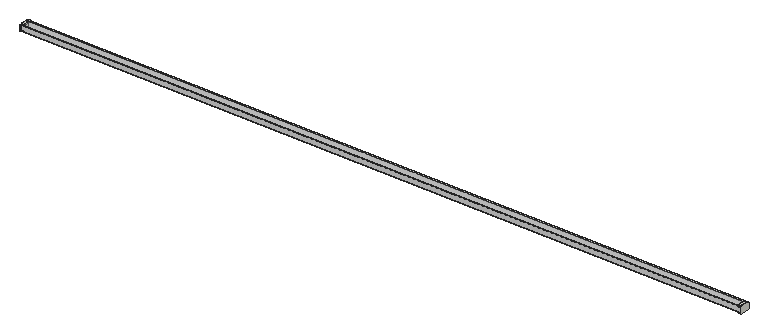
Revit family "3036880+3036928 Sylvania Lighting Fixture LUMISTRIP IP20 5M WW with LUMISTRIP ALU PROFILE OPAL 2M", category Lighting Fixtures, host Face, Revit 2017
Family settings
  Host = Face
  Round Connector Dimension = Use Diameter
  Part Type = Normal
  OmniClass Number = 23.80.70.00
  OmniClass Title = Lighting
  Cut with Voids When Loaded = No
  Light Source = Yes
  Shared = No
  Room Calculation Point = No
Parameters (values of type "3036880+3036928 LUMISTRIP IP20 5M WW with LUMISTRIP ALU PROFILE OPAL 2M")
  Weight = ""
  Wattage Comments = "n/a"
  Wattage = 0 W
  WarrantyStartDate [instance] = "n/a"
  WarrantyGuarantorParts = "n/a"
  WarrantyDurationUnit = "n/a"
  WarrantyDurationParts = "n/a"
  WarrantyDescription = "n/a"
  built-in parameter 1150110 = 1 (stored number, unit not read)
  Voltage = 24 V
  URL = "http://www.sylvania-lighting.com"
  TypeName = "LUMISTRIP IP20 5M WW with LUMISTRIP ALU PROFILE OPAL 2M"
  Type Image = <None>
  Type Comments = "n/a"
  built-in parameter 1114217 = 1 (stored number, unit not read)
  Tilt Angle = -90.00°
  built-in parameter 1150109 = 1 (stored number, unit not read)
  built-in parameter 1150134 = (empty or 0)
  built-in parameter 1150113 = 1 (stored number, unit not read)
  SerialNumber [instance] = "n/a"
  ReflectorMaterial = none
  PowerFactor = 0
  PowerConsumption = ""
  Photometric Web File = "3036880.ies"
  NominalLength = 5000 mm
  NominalHeight = 3 mm
  NominalDepth = 8 mm
  Name = "LUMISTRIP IP20 5M WW with LUMISTRIP ALU PROFILE OPAL 2M"
  ModelReference = Name  # "LUMISTRIP IP20 5M WW with LUMISTRIP ALU PROFILE OPAL 2M"
  ModelNumber = "3036880+3036928"
  Model = Name  # "LUMISTRIP IP20 5M WW with LUMISTRIP ALU PROFILE OPAL 2M"
  Material = "n/a"
  ManufacturerName = "Feilo Sylvania"
  Manufacturer = "Feilo Sylvania"
  LuminousEfficacy = "70.62 lm/W"
  built-in parameter 1150105 = (empty or 0)
  Lumens = 0 lm
  LuminaireType = ""
  built-in parameter 1150115 = 1 (stored number, unit not read)
  LightOutputRatio = "100"
  built-in parameter 1150137 = (empty or 0)
  built-in parameter 1150139 = (empty or 0)
  LampsType = Lamp  # "LED"
  LampNominalLuminous = ""
  LampMacAdamStep = "n/a"
  LampColourTemperature = "3000 K"
  LampColourRenderingIndex = "80"
  built-in parameter 1150112 = 1 (stored number, unit not read)
  built-in parameter 1150114 = 1 (stored number, unit not read)
  Lamp = "LED"
  Keynote = "16500"
  InstallationDate [instance] = "n/a"
  InputVoltage = "24V DC"
  InputNominalFrequency = "n/a"
  built-in parameter 1150132 = (empty or 0)
  built-in parameter 1150102 = (empty or 0)
  built-in parameter 1150107 = 3000 (stored number, unit not read)
  built-in parameter 1150138 = (empty or 0)
  IngressProtection = "IP20"
  ImpactProtectionIndex = "n/a"
  built-in parameter 1150106 = (empty or 0)
  IfcExportType = "IfcLightFixtureType"
  IfcExportAs = "IfcLightFixtureType"
  ExpectedLife = 50000
  EndCapOverhangL_FEILO = 6 mm
  EndCapOverhangR_FEILO = -EndCapOverhangL_FEILO  # -6 mm
  Emit from Rectangle Width = BodyWidth_FEILO  # 25 mm
  Emit from Rectangle Length = BodyLength_FEILO - 16 mm  # 1984 mm
  Emit Shape Visible in Rendering = no
  ElectricShockClassification = "Class III"
  built-in parameter 1150104 = 6.5608 (stored number, unit not read)
  DurationUnit = "hours"
  DocumentationLiterature = "http://www.sylvania-lighting.com/product/en-int/products/3036880"
  DimmingControlOptions = "n/a"
  Dimming Lamp Color Temperature Shift = <None>
  DiffuserMaterial = Diffuser-Sylvania-Lumistrip-Transparent
  DiffuserCutOff_FEILO = 8 mm
  Description = ""
  Default Elevation = 1219.2 mm
  CreatedOn = "6/22/2018"
  CreatedBy = ""
  Cost = 0
  Color Filter = 16777215
  built-in parameter 1114216 [instance] = (empty or 0)
  ClassificationValue = "EF_70_80"
  ClassificationName = "Uniclass2015"
  BodyWidth_FEILO = 25 mm
  BodyThickness_FEILO = 1.2 mm
  BodyMaterial = Body-Sylvania-Lumistrip-Aluminium
  BodyLength_FEILO = 2000 mm
  BodyHeight_FEILO = 18.5 mm
  BodyFilletBottom_FEILO = BodyThickness_FEILO  # 1.2 mm
  BodyFilletTop_FEILO = BodyThickness_FEILO / 2  # 0.6 mm
  BarCode [instance] = "n/a"
  built-in parameter 1114218 = 1 (stored number, unit not read)
  built-in parameter 1150133 = 10 (stored number, unit not read)
  AssetType = "Fixed"
  AssetIdentifier [instance] = "n/a"
  Assembly Code = "D5020200"
  Apparent Load = 24 VA
  AccessoryMaterial = Body-Sylvania-Lumistrip-PC
Reference planes
  plane 1 "Center (Front/Back)": y = 0
  plane 2: z = 0
  plane 3 "Center (Left/Right)": x = 0
  plane 4: x = 1000
  plane 5: x = -1000
  plane 6: y = 12.5
  plane 7: y = -12.5
  plane 8: z = 18.5
  plane 9: z = 17
  plane 10: x = -998
  plane 11: x = 998
  plane 12: y = -11.3
  plane 13: y = 11.3
  plane 14: z = 1.2
  plane 15: z = 16.4
  plane 16: x = -992
  plane 17: x = 992
  plane 18: z = 15
Forms (mm)
  Extrusion 1, solid, material "Body-Sylvania-Lumistrip-Aluminium" <- "BodyMaterial"
    sketch origin (0, 0, 0) x (0, 1, 0) y (0, 0, 1)
      loop
        arc (11.3, 0) -> (12.149, 0.351) -> (12.5, 1.2) r 1.2
        line (12.5, 1.2) -> (12.5, 16.4)
        arc (12.5, 16.4) -> (11.9, 17) -> (11.3, 16.4) r 0.6
        line (11.3, 16.4) -> (11.3, 1.2) -> (-11.3, 1.2) -> (-11.3, 16.4)
        arc (-11.3, 16.4) -> (-11.9, 17) -> (-12.5, 16.4) r 0.6
        line (-12.5, 16.4) -> (-12.5, 1.2)
        arc (-12.5, 1.2) -> (-12.149, 0.351) -> (-11.3, 0) r 1.2
        line (-11.3, 0) -> (11.3, 0)
    from -998 to 998
  Extrusion 2, solid, material "Diffuser-Sylvania-Lumistrip-Transparent" <- "DiffuserMaterial"
    sketch origin (0, 0, 0) x (0, 1, 0) y (0, 0, 1)
      loop
        line (-11.3, 16.4) -> (-11.3, 15) -> (11.3, 15) -> (11.3, 16.4)
        arc (11.3, 16.4) -> (0, 18.5) -> (-11.3, 16.4) r 31.452
    from -992 to 992
  Extrusion 3, solid, material "Body-Sylvania-Lumistrip-PC" <- "AccessoryMaterial"
    sketch origin (-1000, 1524, 1219.2) x (0, 1, 0) y (0, 0, 1)
      loop
        arc (-1512.274, -1202.968) -> (-1524.257, -1200.701) -> (-1536.202, -1203.163) r 31.452
        arc (-1536.202, -1203.163) -> (-1536.423, -1203.532) -> (-1536.5, -1203.955) r 1.2
        line (-1536.5, -1203.955) -> (-1536.5, -1218)
        arc (-1536.5, -1218) -> (-1536.149, -1218.849) -> (-1535.3, -1219.2) r 1.2
        line (-1535.3, -1219.2) -> (-1512.7, -1219.2)
        arc (-1512.7, -1219.2) -> (-1511.851, -1218.849) -> (-1511.5, -1218) r 1.2
        line (-1511.5, -1218) -> (-1511.5, -1204.112)
        arc (-1511.5, -1204.112) -> (-1511.712, -1203.422) -> (-1512.274, -1202.968) r 1.234
    from 0 to 2
  Extrusion 4, solid, material "Body-Sylvania-Lumistrip-PC" <- "AccessoryMaterial"
    sketch origin (-998, 1524, 1219.2) x (0, 1, 0) y (0, 0, 1)
      loop
        line (-1535.3, -1204.2) -> (-1512.7, -1204.2) -> (-1512.7, -1202.8)
        arc (-1512.7, -1202.8) -> (-1524, -1200.7) -> (-1535.3, -1202.8) r 31.452
        line (-1535.3, -1202.8) -> (-1535.3, -1204.2)
    from 0 to 6 <- "EndCapOverhangL_FEILO"
  Extrusion 5, solid, material "Body-Sylvania-Lumistrip-PC" <- "AccessoryMaterial"
    sketch origin (1000, 1524, 1219.2) x (0, 1, 0) y (0, 0, 1)
      loop
        line (-1535.3, -1219.2) -> (-1512.7, -1219.2)
        arc (-1512.7, -1219.2) -> (-1511.851, -1218.849) -> (-1511.5, -1218) r 1.2
        line (-1511.5, -1218) -> (-1511.5, -1204.09)
        arc (-1511.5, -1204.09) -> (-1511.706, -1203.418) -> (-1512.252, -1202.977) r 1.2
        arc (-1512.252, -1202.977) -> (-1524, -1200.7) -> (-1535.748, -1202.977) r 31.452
        arc (-1535.748, -1202.977) -> (-1536.294, -1203.418) -> (-1536.5, -1204.09) r 1.2
        line (-1536.5, -1204.09) -> (-1536.5, -1218)
        arc (-1536.5, -1218) -> (-1536.149, -1218.849) -> (-1535.3, -1219.2) r 1.2
    from 0 to -2
  Extrusion 6, solid, material "Body-Sylvania-Lumistrip-PC" <- "AccessoryMaterial"
    sketch origin (998, 1524, 1219.2) x (0, 1, 0) y (0, 0, 1)
      loop
        line (-1535.3, -1204.2) -> (-1512.7, -1204.2) -> (-1512.7, -1202.8)
        arc (-1512.7, -1202.8) -> (-1524, -1200.7) -> (-1535.3, -1202.8) r 31.452
        line (-1535.3, -1202.8) -> (-1535.3, -1204.2)
    from 0 to -6 <- "EndCapOverhangR_FEILO"
Cuts and joins
  joined: Extrusion 3, Extrusion 4
  joined: Extrusion 5, Extrusion 6
Dimensions and locks
  "BodyLength_FEILO": plane 5 to plane 4
  equal spacing: plane 5, plane 3 "Center (Left/Right)", plane 4
  "BodyWidth_FEILO": plane 7 to plane 6
  plane 7 to plane 6 = 25 mm
  "BodyHeight_FEILO": plane 8 to plane 2
  locked: plane 9 to plane 8 at 1.5
  equal spacing: plane 10, plane 3 "Center (Left/Right)", plane 11
  locked: plane 5 to plane 10 at 2
  equal spacing: plane 12, plane 1 "Center (Front/Back)", plane 13
  "BodyThickness_FEILO": plane 7 to plane 12
  "BodyThickness_FEILO": plane 14 to plane 2
  "BodyFilletTop_FEILO": plane 15 to plane 9
  "BodyFilletTop_FEILO": plane 7 to Extrusion 1 sketch curve
  "BodyFilletTop_FEILO": plane 13 to Extrusion 1 sketch curve
  equal spacing: plane 16, plane 3 "Center (Left/Right)", plane 17
  "DiffuserCutOff_FEILO": plane 5 to plane 16
  locked: plane 18 to plane 9 at 2
  locked: Extrusion 2 sketch curve to plane 8 at 31.452
  "BodyFilletBottom_FEILO": radius of Extrusion 1 sketch curve  (x2)
  "BodyFilletBottom_FEILO": radius of Extrusion 3 sketch curve  (x3)
  radius of Extrusion 3 sketch curve = 1.234 mm
  "BodyFilletBottom_FEILO": radius of Extrusion 5 sketch curve  (x4)
  aligned and locked: plane 2 to host face
  aligned and locked: level to host face
  aligned and locked: level to Extrusion 1 sketch curve
  aligned and locked: plane 12 to Extrusion 1 sketch curve  (x2)
  aligned and locked: plane 14 to Extrusion 1 sketch curve
  aligned and locked: plane 6 to Extrusion 1 sketch curve
  aligned and locked: plane 11 to Extrusion 1
  aligned and locked: Extrusion 1 to plane 10
  aligned and locked: plane 15 to Extrusion 1 sketch curve  (x6)
  aligned and locked: Extrusion 1 sketch curve to plane 7
  aligned and locked: Extrusion 1 sketch curve to plane 13
  aligned and locked: Extrusion 1 to Extrusion 2 sketch curve
  aligned and locked: plane 18 to Extrusion 2 sketch curve
  aligned and locked: Extrusion 2 sketch curve to plane 13
  aligned and locked: plane 1 "Center (Front/Back)" to Extrusion 2 sketch curve
  aligned and locked: plane 17 to Extrusion 2
  aligned and locked: Extrusion 2 to plane 16
  aligned and locked: Extrusion 3 sketch curve to Extrusion 2
  aligned and locked: Extrusion 1 to Extrusion 3 sketch curve  (x3)
  aligned and locked: plane 10 to Extrusion 3
  aligned and locked: Extrusion 3 to plane 5
  aligned and locked: Extrusion 4 sketch curve to Extrusion 2  (x4)
  aligned and locked: Extrusion 4 to plane 10
  aligned and locked: Extrusion 5 sketch curve to plane 6
  aligned and locked: Extrusion 5 sketch curve to level
  aligned and locked: Extrusion 5 sketch curve to Extrusion 2
  aligned and locked: Extrusion 5 to plane 11
  aligned and locked: plane 4 to Extrusion 5
  aligned and locked: Extrusion 6 sketch curve to cut or joined group of Extrusion 3, Extrusion 4  (x4)
  aligned and locked: plane 11 to Extrusion 6
  aligned and locked: imposter light to plane 8
  aligned and locked: imposter light to plane 1 "Center (Front/Back)"
  aligned and locked: plane 3 "Center (Left/Right)" to imposter light
Automatic sketch dimensions
  host sketch curve to host sketch curve = 2438.4 mm  (x2)
  plane 15 to Extrusion 2 sketch curve = 0 mm
  Extrusion 3 sketch curve to plane 18 = 0.088 mm
  Extrusion 3 sketch curve to plane 18 = 0.245 mm
  Extrusion 5 sketch curve to plane 7 = 0 mm
  Extrusion 5 sketch curve to plane 18 = 0.11 mm  (x2)
Connectors
  electrical at (0, 0, 0), driven by "Apparent Load", driven by "PowerFactor", driven by "Voltage"
    settings: index 1, voltage 24 V, apparent load 24 VA, apparent load phase1 0 VA, apparent load phase2 0 VA, apparent load phase3 0 VA, power factor 0, load classification "Lighting", number of poles 1, system type 30, power factor state 1, is connector primary yes, connector utility no, sub classification motor no, connector description ""
